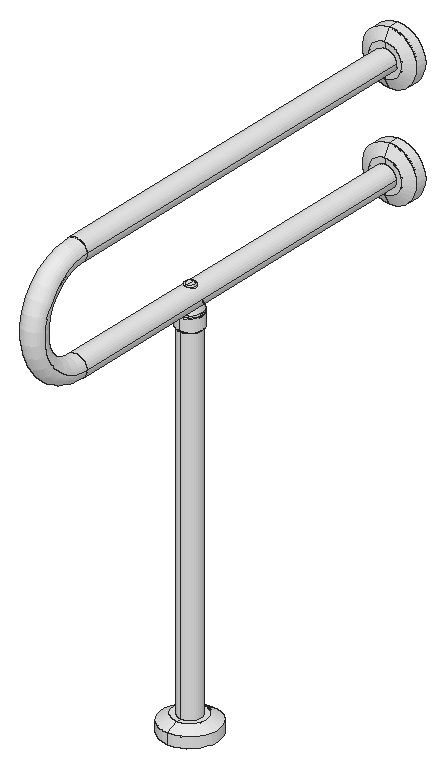
Revit family "NS-LC2（洗面器用手すり）", category 一般モデル, Revit 2015
Parameters (values of type "NS-LC2")
  笠木色(2) = 笠木No.00ホワイト
  笠木色(1) = 笠木No.00ホワイト
  Tジョイント位置 = 400 mm
  N_製造元 = "ナカ工業株式会社"  # constant formula
  N_手すり径 = 34 mm  # constant formula
  N_形式② = ""
  N_形式① = "NS-LC2"
  N_品名 = "補助手すり　愛の手NS"  # constant formula
  N_仕様① = "●手すり本体（笠木φ34）　表面材：半硬質樹脂（抗菌剤入り）+軟質樹脂二層成形　芯材：ステンレス鋼管φ27.2x1.5t（木目調色はウッドパウダーを混合）　●ブラケットカバー　樹脂成形品・笠木同色仕上　●固定座金　ステンレス　●Tジョイント部　樹脂成形品・笠木同色仕上　●ボルト類　ステンレス"  # constant formula
  N_Tジョイント位置 = if(Tジョイント位置 > 500 mm, 500 mm, Tジョイント位置)  # 400 mm
  N_H2 = 160 mm
  N_H1 = if(H1 > 860 mm, 860 mm, H1)  # 760 mm
  N_D1 = if(L > 800 mm, 800 mm, L)  # 700 mm
  H1 = 760 mm
  L = 700 mm
  BKカバー色 = 笠木No.00ホワイト
Types (2, lengths in mm): name | 笠木色(2) | 笠木色(1) | N_形式① | BKカバー色
  NS-LC2 | 笠木No.00ホワイト | 笠木No.00ホワイト | "NS-LC2" | 笠木No.00ホワイト
  NS-LC2・M | 笠木No.73バーチ(2) | 笠木No.73バーチ(1) | "NS-LC2・M" | 笠木No.73バーチ BKcover
Reference planes
  plane 1 "中心(正面/背面)": y = 0
  plane 2: z = 0
  plane 3 "中心(左/右)": x = 0
Dimensions and locks
  aligned and locked: level to plane 2
  aligned and locked: plane 1 "中心(正面/背面)" to nested 1
  aligned and locked: plane 3 "中心(左/右)" to nested 1
Nested families
  nested 1: "N_NS-LC2" at (0, 0, 0), type "N_NS-LC2"
Definition of nested family "N_NS-LC2"
  Parameters (values of type "N_NS-LC2")
    笠木色2 = none
    笠木色(1) = none
    Tジョイント位置 = if(N_Tジョイント位置 > 500 mm, 500 mm, N_Tジョイント位置)  # 400 mm
    N_Tジョイント位置 = 400 mm
    N_H2 = 160 mm
    H2 = N_H2 / 2  # 80 mm
    D1 = if(N_D1 > 800 mm, 800 mm, N_D1)  # 700 mm
    H1 = if(N_H1 > 860 mm, 860 mm, N_H1)  # 760 mm
    N_H1 = 760 mm
    N_D1 = 700 mm
    BKカバー色 = none
  Reference planes
    plane 1 "中心(正面/背面)": y = 0
    plane 2: z = 0
    plane 3 "中心(左/右)": x = 0
    plane 4: y = -700
    plane 5: z = -160
    plane 6: y = -24.8
    plane 7: y = -620
    plane 8: z = -760
    plane 9: y = -400
    plane 10: z = -201
    plane 11: z = -735.2
    plane 12: z = -142
  Forms (mm)
    Revolve 1, solid, material <- "BKカバー色"
      sketch origin (0, 0, 0) x (0, 1, 0) y (0, 0, 1)
        loop
          line (-24.8, 0) -> (0, 0) -> (0, 42) -> (-15.8, 42) -> (-24.8, 25.5) -> (-24.8, 0)
        axis (-24.8, 0) -> (0, 0)
      angle from 0 to 360
    Revolve 2, solid, material <- "BKカバー色"
      sketch origin (0, 0, 0) x (0, 1, 0) y (0, 0, 1)
        loop
          line (-15.8, -118) -> (-24.8, -134.5) -> (-24.8, -160) -> (0, -160) -> (0, -118) -> (-15.8, -118)
        axis (-24.8, -160) -> (0, -160)
      angle from 0 to 360
    Sweep 3, solid, material <- "笠木色(1)"
      path origin (0, 0, 0) x (0, 1, 0) y (0, 0, 1)
        loop
          arc (-620, 0) -> (-700, -80) -> (-620, -160) r 80
          line (-620, -160) -> (-24.8, -160)
      profile origin (0, -700, -80) x (1, 0, 0) y (0, 1, 0)
        loop
          circle (0, 0) r 17
    Revolve 4, solid, material <- "BKカバー色"
      sketch origin (0, 0, 0) x (0, 1, 0) y (0, 0, 1)
        loop
          line (-400, -735.2) -> (-425.5, -735.2) -> (-442, -744.2) -> (-442, -760) -> (-400, -760) -> (-400, -735.2)
        loop
          line (-418.5, -201) -> (-400, -201) -> (-400, -142) -> (-407, -142)
          arc (-407, -142) -> (-407.707, -142.293) -> (-408, -143) r 1
          line (-408, -143) -> (-418.5, -177.3) -> (-418.5, -179.5)
          arc (-418.5, -179.5) -> (-418.646, -179.854) -> (-419, -180) r 0.5
          arc (-419, -180) -> (-419.354, -180.146) -> (-419.5, -180.5) r 0.5
          line (-419.5, -180.5) -> (-419.5, -200) -> (-418.5, -201)
        axis (-400, -142) -> (-400, -760)
      angle from 0 to 360
    Extrusion 5, solid, material <- "笠木色(1)"
      sketch origin (4267.2, -458.991, -735.2) x (0, -1, 0) y (1, 0, 0)
        loop
          circle (-58.991, -4267.2) r 17
      from 0 to 534.2
    Extrusion 6, solid, material <- "笠木色2"
      sketch origin (0, 0, 0) x (1, 0, 0) y (0, 0, 1)
        loop
          circle (0, 0) r 17
      from 0 to 620
  Lines and regions (mm)
    symbolic lines
      curve 1: arc (-17, 0, 0) -> (0, 0, 17) -> (17, 0, 0) r 17
      curve 2: arc (-17, 0, -160) -> (0, 0, -177) -> (17, 0, -160) r 17
      curve 3: line (-17, 0, 0) -> (-17, 0, -160)
      curve 4: line (17, 0, -160) -> (17, 0, 0)
      curve 5: arc (17, 0, -4.556) -> (0, 0, 17.6) -> (-17, 0, -4.556) r 17.6
      curve 6: arc (-17, 0, -155.444) -> (0, 0, -177.6) -> (17, 0, -155.444) r 17.6
  Dimensions and locks
    "D1": plane 4 to plane 1 "中心(正面/背面)"
    "N_H2": level to plane 5
    locked: plane 6 to plane 1 "中心(正面/背面)" at 24.8
    locked: Revolve 1 sketch curve to level at 42
    "H2": plane 4 to plane 7
    "N_H1": level to plane 8
    locked: plane 11 to plane 8 at 24.8
    locked: plane 5 to plane 10 at 41
    locked: plane 10 to plane 12 at 59
    "Tジョイント位置": plane 9 to plane 1 "中心(正面/背面)"
    aligned and locked: level to plane 2
    aligned and locked: Revolve 1 sketch curve to level
    aligned and locked: plane 6 to Revolve 1 sketch curve
    aligned and locked: plane 1 "中心(正面/背面)" to Revolve 1 sketch curve
    aligned and locked: Revolve 2 sketch curve to plane 5
    aligned and locked: Revolve 4 sketch curve to plane 9
    aligned and locked: plane 10 to Extrusion 5
    aligned and locked: Extrusion 6 to Sweep 3
  Automatic sketch dimensions
    Revolve 1 sketch curve to level = 0 mm
    plane 6 to Revolve 1 sketch curve = 9 mm
    Revolve 1 sketch curve to Revolve 1 sketch curve = 16.5 mm
    Revolve 1 sketch curve to Revolve 1 sketch curve = 35 mm
    Revolve 1 sketch curve to plane 1 "中心(正面/背面)" = 40.2 mm
    Revolve 2 sketch curve to plane 6 = 0 mm
    Revolve 2 sketch curve to plane 1 "中心(正面/背面)" = 0 mm
    Revolve 2 sketch curve to plane 5 = 0 mm
    plane 6 to Revolve 2 sketch curve = 9 mm
    plane 5 to Revolve 2 sketch curve = 25.5 mm
    Revolve 2 sketch curve to Revolve 2 sketch curve = 16.5 mm
    Revolve 2 sketch curve to Revolve 2 sketch curve = 15 mm
    Revolve 2 sketch curve to plane 1 "中心(正面/背面)" = 20.2 mm
    Sweep 3 sketch curve to plane 3 "中心(左/右)" = 0 mm
    Sweep 3 sketch curve to profile plane = 0 mm
    curve 3 to plane 5 = 0 mm
    curve 6 to plane 3 "中心(左/右)" = 0 mm
    curve 5 to level = 0 mm
    curve 5 to plane 3 "中心(左/右)" = 0 mm
    curve 6 to plane 5 = 0 mm
    curve 3 to level = 0 mm
    curve 3 to plane 3 "中心(左/右)" = 17 mm
    plane 3 "中心(左/右)" to curve 2 = 0 mm
    curve 4 to curve 6 = 4.556 mm
    curve 5 to curve 3 = 4.556 mm
    Revolve 4 sketch curve to plane 8 = 0 mm
    Revolve 4 sketch curve to plane 11 = 0 mm
    Revolve 4 sketch curve to plane 9 = 0 mm
    Revolve 4 sketch curve to plane 9 = 7 mm
    Revolve 4 sketch curve to plane 9 = 18.5 mm
    Revolve 4 sketch curve to Revolve 4 sketch curve = 0.5 mm  (x2)
    plane 10 to Revolve 4 sketch curve = 1 mm
    Revolve 4 sketch curve to plane 9 = 19.5 mm
    Revolve 4 sketch curve to Revolve 4 sketch curve = 25.5 mm
    Revolve 4 sketch curve to Revolve 4 sketch curve = 16.5 mm
    Revolve 4 sketch curve to plane 11 = 9 mm
    Revolve 4 sketch curve to Revolve 4 sketch curve = 19.5 mm
    Revolve 4 sketch curve to Revolve 4 sketch curve = 1 mm  (x2)
    plane 9 to Revolve 4 sketch curve = 0 mm
    Revolve 4 sketch curve to plane 8 = 120 mm
    Revolve 4 sketch curve to plane 10 = 0 mm
    Revolve 4 sketch curve to Revolve 4 sketch curve = 2.2 mm
    level to Revolve 4 sketch curve = 70 mm
    plane 12 to Revolve 4 sketch curve = 0 mm
    Extrusion 5 sketch curve to plane 3 "中心(左/右)" = 0 mm
    Extrusion 5 sketch curve to plane 9 = 0 mm
    Extrusion 6 sketch curve to level = 0 mm
    Extrusion 6 sketch curve to plane 3 "中心(左/右)" = 0 mm
    Sweep 3 sketch curve to level = 0 mm
    Sweep 3 sketch curve to plane 7 = 0 mm
    Sweep 3 sketch curve to plane 5 = 0 mm
    Sweep 3 sketch curve to plane 6 = 0 mm
    radius of Sweep 3 sketch curve = 17 mm
    radius of Extrusion 5 sketch curve = 17 mm
    radius of Extrusion 6 sketch curve = 17 mm
